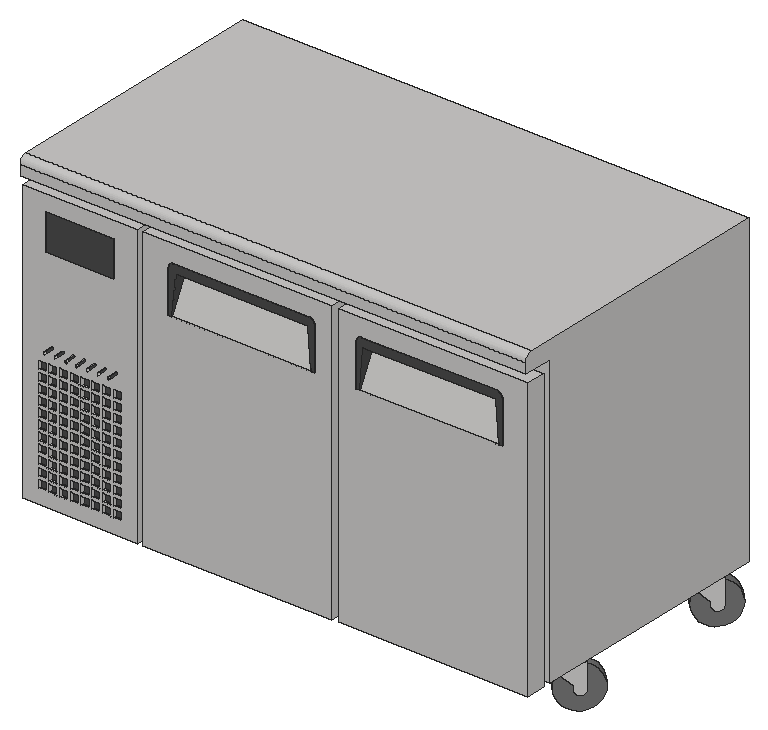
Revit family "QF_Turbo Air_JUF-48", category Specialty Equipment, Revit 2012
Parameters
  Weight in Pounds = 232
  Watermarked By = "http://revitwatermark.com"
  Volts = 115 V
  URL Cutsheet = ""
  URL = "www.turboairinc.com"
  Status [instance] = ""
  Specification by User [instance] = ""
  Specification by Manufacturer [instance] = ""
  Serial Number [instance] = ""
  Revision Code [instance] = ""
  Phase = 1
  Number of Poles [instance] = 1
  NAFEM Spec ID Number [instance] = ""
  Model = "JUF-48"
  Masterspec [instance] = ""
  Manufacturer = "Turbo Air"  # constant formula
  Legs [instance] = [6 inch Legs]  # no
  Item Number [instance] = "-"
  Installed By [instance] = ""
  HP = "1/3"
  Furnished By [instance] = ""
  Foodservice Equipment Identifier = yes
  FL Amps = 5 A
  Electrical Remarks [instance] = ""
  Electric Connection Type [instance] = ""
  Elec Conn RI Height [instance] = 0' - 0"
  Elec Conn Connection Height = 1' - 0"
  Description = "Undercounter Freezer"
  Cycle = 60 Hz
  Conn Plug = "NEMA 5-15P"
  Casters [instance] = not(Legs)  # yes
  CasterLeg Height [instance] = if([4 inch Casters], 0' 5", if([5 inch Casters], 0' 5 3/4", if([2_5 inch Casters], 0' 3 3/8", 0' 6")))  # 0' - 5"
  CSI MasterFormat = "11 41 13"
  Assembly Code = "E1090320"
  Apparent Power = if(Phase = 3, Volts * FL Amps * 1.73, Volts * FL Amps)  # 575 VA
  6 inch Legs [instance] = no
  5 inch Casters [instance] = no
  4 inch Casters [instance] = yes
  2_5 inch Casters [instance] = no
Reference planes (in)
  plane 1 "BACK": y = -1.5
  plane 2: z = 0
  plane 3 "LEFT": x = -20.72594
  plane 4 "Bottom": z = 5
  plane 5 "Back Stops": y = -0.5
  plane 6 "RIGHT": x = 26.52406
  plane 7 "FRONT": y = -29
  plane 8 "Door Clearance": y = -43.375
  plane 9 "Back of Door": y = -25.4375
  plane 10 "Front of Box": y = -24.75
  plane 11 "Counter Top": z = 33.75
  plane 12 "Top of Door": z = 31.25
  plane 13 "Front of Doors": y = -27.25
  plane 14 "Front of Ledge": y = -27.5
  plane 15 "Left of Right Door": x = 8.83656
  plane 16 "Right of Grill": x = -9.97594
  plane 17 "Right of Left Door": x = 8.21156
  plane 18 "Left of Left Door": x = -9.47594
Forms (in)
  Extrusion 1, solid, material "QF_Finishes_Stainless Steel"
    sketch origin (-20.72594, 0, 0) x (0, 1, 0) y (0, 0, 1)
      loop
        line (-1.5, 5) -> (-1.5, 33.75) -> (-26.8125, 33.75)
        arc (-26.8125, 33.75) -> (-27.29864, 33.54864) -> (-27.5, 33.0625) r 0.6875
        line (-27.5, 33.0625) -> (-27.5, 32.125) -> (-24.75, 32.125) -> (-24.75, 5) -> (-1.5, 5)
    from 0 to 47.25
  Extrusion 2, solid, material "QF_Finishes_Black"
    sketch origin (0, -24.75, 0) x (1, 0, 0) y (0, 0, 1)
      loop
        line (25.52406, 6) -> (25.52406, 30.25) -> (9.83656, 30.25) -> (9.83656, 6) -> (25.52406, 6)
      loop
        line (7.21156, 6) -> (7.21156, 30.25) -> (-8.47594, 30.25) -> (-8.47594, 6) -> (7.21156, 6)
    from 0 to 0.6875
  Extrusion 3, solid, material "QF_Finishes_Black"
    sketch origin (0, -1.5, 0) x (1, 0, 0) y (0, 0, 1)
      loop
        circle (-14.60094, 28.9375) r 0.5
      loop
        circle (20.39906, 28.9375) r 0.5
    from 0 to -1
  Extrusion 4, solid, material "QF_Finishes_Stainless Steel"
    sketch origin (0, -1.5, 0) x (1, 0, 0) y (0, 0, 1)
      loop
        circle (-15.35094, 11.125) r 0.25
    from 0 to -0.0625
  Extrusion 5, solid, material "QF_Finishes_Stainless Steel"
    sketch origin (0, -24.75, 0) x (1, 0, 0) y (0, 0, 1)
      loop
        line (-20.72594, 31.25) -> (-20.72594, 5) -> (-9.97594, 5) -> (-9.97594, 31.25) -> (-20.72594, 31.25)
      loop
        line (-11.47594, 7.125) -> (-12.22594, 7.125) -> (-12.22594, 6.375) -> (-11.47594, 6.375) -> (-11.47594, 7.125)
      loop
        line (-12.47594, 7.125) -> (-13.22594, 7.125) -> (-13.22594, 6.375) -> (-12.47594, 6.375) -> (-12.47594, 7.125)
      loop
        line (-13.47594, 7.125) -> (-14.22594, 7.125) -> (-14.22594, 6.375) -> (-13.47594, 6.375) -> (-13.47594, 7.125)
      loop
        line (-14.47594, 7.125) -> (-15.22594, 7.125) -> (-15.22594, 6.375) -> (-14.47594, 6.375) -> (-14.47594, 7.125)
      loop
        line (-15.47594, 7.125) -> (-16.22594, 7.125) -> (-16.22594, 6.375) -> (-15.47594, 6.375) -> (-15.47594, 7.125)
      loop
        line (-16.47594, 7.125) -> (-17.22594, 7.125) -> (-17.22594, 6.375) -> (-16.47594, 6.375) -> (-16.47594, 7.125)
      loop
        line (-17.47594, 7.125) -> (-18.22594, 7.125) -> (-18.22594, 6.375) -> (-17.47594, 6.375) -> (-17.47594, 7.125)
      loop
        line (-18.47594, 7.125) -> (-19.22594, 7.125) -> (-19.22594, 6.375) -> (-18.47594, 6.375) -> (-18.47594, 7.125)
      loop
        line (-11.47594, 8.125) -> (-12.22594, 8.125) -> (-12.22594, 7.375) -> (-11.47594, 7.375) -> (-11.47594, 8.125)
      loop
        line (-12.47594, 8.125) -> (-13.22594, 8.125) -> (-13.22594, 7.375) -> (-12.47594, 7.375) -> (-12.47594, 8.125)
      loop
        line (-13.47594, 8.125) -> (-14.22594, 8.125) -> (-14.22594, 7.375) -> (-13.47594, 7.375) -> (-13.47594, 8.125)
      loop
        line (-14.47594, 8.125) -> (-15.22594, 8.125) -> (-15.22594, 7.375) -> (-14.47594, 7.375) -> (-14.47594, 8.125)
      loop
        line (-15.47594, 8.125) -> (-16.22594, 8.125) -> (-16.22594, 7.375) -> (-15.47594, 7.375) -> (-15.47594, 8.125)
      loop
        line (-16.47594, 8.125) -> (-17.22594, 8.125) -> (-17.22594, 7.375) -> (-16.47594, 7.375) -> (-16.47594, 8.125)
      loop
        line (-17.47594, 8.125) -> (-18.22594, 8.125) -> (-18.22594, 7.375) -> (-17.47594, 7.375) -> (-17.47594, 8.125)
      loop
        line (-18.47594, 8.125) -> (-19.22594, 8.125) -> (-19.22594, 7.375) -> (-18.47594, 7.375) -> (-18.47594, 8.125)
      loop
        line (-11.47594, 9.125) -> (-12.22594, 9.125) -> (-12.22594, 8.375) -> (-11.47594, 8.375) -> (-11.47594, 9.125)
      loop
        line (-12.47594, 9.125) -> (-13.22594, 9.125) -> (-13.22594, 8.375) -> (-12.47594, 8.375) -> (-12.47594, 9.125)
      loop
        line (-13.47594, 9.125) -> (-14.22594, 9.125) -> (-14.22594, 8.375) -> (-13.47594, 8.375) -> (-13.47594, 9.125)
      loop
        line (-14.47594, 9.125) -> (-15.22594, 9.125) -> (-15.22594, 8.375) -> (-14.47594, 8.375) -> (-14.47594, 9.125)
      loop
        line (-15.47594, 9.125) -> (-16.22594, 9.125) -> (-16.22594, 8.375) -> (-15.47594, 8.375) -> (-15.47594, 9.125)
      loop
        line (-16.47594, 9.125) -> (-17.22594, 9.125) -> (-17.22594, 8.375) -> (-16.47594, 8.375) -> (-16.47594, 9.125)
      loop
        line (-17.47594, 9.125) -> (-18.22594, 9.125) -> (-18.22594, 8.375) -> (-17.47594, 8.375) -> (-17.47594, 9.125)
      loop
        line (-18.47594, 9.125) -> (-19.22594, 9.125) -> (-19.22594, 8.375) -> (-18.47594, 8.375) -> (-18.47594, 9.125)
      loop
        line (-11.47594, 10.125) -> (-12.22594, 10.125) -> (-12.22594, 9.375) -> (-11.47594, 9.375) -> (-11.47594, 10.125)
      loop
        line (-12.47594, 10.125) -> (-13.22594, 10.125) -> (-13.22594, 9.375) -> (-12.47594, 9.375) -> (-12.47594, 10.125)
      loop
        line (-13.47594, 10.125) -> (-14.22594, 10.125) -> (-14.22594, 9.375) -> (-13.47594, 9.375) -> (-13.47594, 10.125)
      loop
        line (-14.47594, 10.125) -> (-15.22594, 10.125) -> (-15.22594, 9.375) -> (-14.47594, 9.375) -> (-14.47594, 10.125)
      loop
        line (-15.47594, 10.125) -> (-16.22594, 10.125) -> (-16.22594, 9.375) -> (-15.47594, 9.375) -> (-15.47594, 10.125)
      loop
        line (-16.47594, 10.125) -> (-17.22594, 10.125) -> (-17.22594, 9.375) -> (-16.47594, 9.375) -> (-16.47594, 10.125)
      loop
        line (-17.47594, 10.125) -> (-18.22594, 10.125) -> (-18.22594, 9.375) -> (-17.47594, 9.375) -> (-17.47594, 10.125)
      loop
        line (-18.47594, 10.125) -> (-19.22594, 10.125) -> (-19.22594, 9.375) -> (-18.47594, 9.375) -> (-18.47594, 10.125)
      loop
        line (-11.47594, 11.125) -> (-12.22594, 11.125) -> (-12.22594, 10.375) -> (-11.47594, 10.375) -> (-11.47594, 11.125)
      loop
        line (-12.47594, 11.125) -> (-13.22594, 11.125) -> (-13.22594, 10.375) -> (-12.47594, 10.375) -> (-12.47594, 11.125)
      loop
        line (-13.47594, 11.125) -> (-14.22594, 11.125) -> (-14.22594, 10.375) -> (-13.47594, 10.375) -> (-13.47594, 11.125)
      loop
        line (-14.47594, 11.125) -> (-15.22594, 11.125) -> (-15.22594, 10.375) -> (-14.47594, 10.375) -> (-14.47594, 11.125)
      loop
        line (-15.47594, 11.125) -> (-16.22594, 11.125) -> (-16.22594, 10.375) -> (-15.47594, 10.375) -> (-15.47594, 11.125)
      loop
        line (-16.47594, 11.125) -> (-17.22594, 11.125) -> (-17.22594, 10.375) -> (-16.47594, 10.375) -> (-16.47594, 11.125)
      loop
        line (-17.47594, 11.125) -> (-18.22594, 11.125) -> (-18.22594, 10.375) -> (-17.47594, 10.375) -> (-17.47594, 11.125)
      loop
        line (-18.47594, 11.125) -> (-19.22594, 11.125) -> (-19.22594, 10.375) -> (-18.47594, 10.375) -> (-18.47594, 11.125)
      loop
        line (-11.47594, 12.125) -> (-12.22594, 12.125) -> (-12.22594, 11.375) -> (-11.47594, 11.375) -> (-11.47594, 12.125)
      loop
        line (-12.47594, 12.125) -> (-13.22594, 12.125) -> (-13.22594, 11.375) -> (-12.47594, 11.375) -> (-12.47594, 12.125)
      loop
        line (-13.47594, 12.125) -> (-14.22594, 12.125) -> (-14.22594, 11.375) -> (-13.47594, 11.375) -> (-13.47594, 12.125)
      loop
        line (-14.47594, 12.125) -> (-15.22594, 12.125) -> (-15.22594, 11.375) -> (-14.47594, 11.375) -> (-14.47594, 12.125)
      loop
        line (-15.47594, 12.125) -> (-16.22594, 12.125) -> (-16.22594, 11.375) -> (-15.47594, 11.375) -> (-15.47594, 12.125)
      loop
        line (-16.47594, 12.125) -> (-17.22594, 12.125) -> (-17.22594, 11.375) -> (-16.47594, 11.375) -> (-16.47594, 12.125)
      loop
        line (-17.47594, 12.125) -> (-18.22594, 12.125) -> (-18.22594, 11.375) -> (-17.47594, 11.375) -> (-17.47594, 12.125)
      loop
        line (-18.47594, 12.125) -> (-19.22594, 12.125) -> (-19.22594, 11.375) -> (-18.47594, 11.375) -> (-18.47594, 12.125)
      loop
        line (-11.47594, 13.125) -> (-12.22594, 13.125) -> (-12.22594, 12.375) -> (-11.47594, 12.375) -> (-11.47594, 13.125)
      loop
        line (-12.47594, 13.125) -> (-13.22594, 13.125) -> (-13.22594, 12.375) -> (-12.47594, 12.375) -> (-12.47594, 13.125)
      loop
        line (-13.47594, 13.125) -> (-14.22594, 13.125) -> (-14.22594, 12.375) -> (-13.47594, 12.375) -> (-13.47594, 13.125)
      loop
        line (-14.47594, 13.125) -> (-15.22594, 13.125) -> (-15.22594, 12.375) -> (-14.47594, 12.375) -> (-14.47594, 13.125)
      loop
        line (-15.47594, 13.125) -> (-16.22594, 13.125) -> (-16.22594, 12.375) -> (-15.47594, 12.375) -> (-15.47594, 13.125)
      loop
        line (-16.47594, 13.125) -> (-17.22594, 13.125) -> (-17.22594, 12.375) -> (-16.47594, 12.375) -> (-16.47594, 13.125)
      loop
        line (-17.47594, 13.125) -> (-18.22594, 13.125) -> (-18.22594, 12.375) -> (-17.47594, 12.375) -> (-17.47594, 13.125)
      loop
        line (-18.47594, 13.125) -> (-19.22594, 13.125) -> (-19.22594, 12.375) -> (-18.47594, 12.375) -> (-18.47594, 13.125)
      loop
        line (-11.47594, 14.125) -> (-12.22594, 14.125) -> (-12.22594, 13.375) -> (-11.47594, 13.375) -> (-11.47594, 14.125)
      loop
        line (-12.47594, 14.125) -> (-13.22594, 14.125) -> (-13.22594, 13.375) -> (-12.47594, 13.375) -> (-12.47594, 14.125)
      loop
        line (-13.47594, 14.125) -> (-14.22594, 14.125) -> (-14.22594, 13.375) -> (-13.47594, 13.375) -> (-13.47594, 14.125)
      loop
        line (-14.47594, 14.125) -> (-15.22594, 14.125) -> (-15.22594, 13.375) -> (-14.47594, 13.375) -> (-14.47594, 14.125)
      loop
        line (-15.47594, 14.125) -> (-16.22594, 14.125) -> (-16.22594, 13.375) -> (-15.47594, 13.375) -> (-15.47594, 14.125)
      loop
        line (-16.47594, 14.125) -> (-17.22594, 14.125) -> (-17.22594, 13.375) -> (-16.47594, 13.375) -> (-16.47594, 14.125)
      loop
        line (-17.47594, 14.125) -> (-18.22594, 14.125) -> (-18.22594, 13.375) -> (-17.47594, 13.375) -> (-17.47594, 14.125)
      loop
        line (-18.47594, 14.125) -> (-19.22594, 14.125) -> (-19.22594, 13.375) -> (-18.47594, 13.375) -> (-18.47594, 14.125)
      loop
        line (-11.47594, 15.125) -> (-12.22594, 15.125) -> (-12.22594, 14.375) -> (-11.47594, 14.375) -> (-11.47594, 15.125)
      loop
        line (-12.47594, 15.125) -> (-13.22594, 15.125) -> (-13.22594, 14.375) -> (-12.47594, 14.375) -> (-12.47594, 15.125)
      loop
        line (-13.47594, 15.125) -> (-14.22594, 15.125) -> (-14.22594, 14.375) -> (-13.47594, 14.375) -> (-13.47594, 15.125)
      loop
        line (-14.47594, 15.125) -> (-15.22594, 15.125) -> (-15.22594, 14.375) -> (-14.47594, 14.375) -> (-14.47594, 15.125)
      loop
        line (-15.47594, 15.125) -> (-16.22594, 15.125) -> (-16.22594, 14.375) -> (-15.47594, 14.375) -> (-15.47594, 15.125)
      loop
        line (-16.47594, 15.125) -> (-17.22594, 15.125) -> (-17.22594, 14.375) -> (-16.47594, 14.375) -> (-16.47594, 15.125)
      loop
        line (-17.47594, 15.125) -> (-18.22594, 15.125) -> (-18.22594, 14.375) -> (-17.47594, 14.375) -> (-17.47594, 15.125)
      loop
        line (-18.47594, 15.125) -> (-19.22594, 15.125) -> (-19.22594, 14.375) -> (-18.47594, 14.375) -> (-18.47594, 15.125)
      loop
        line (-11.47594, 16.125) -> (-12.22594, 16.125) -> (-12.22594, 15.375) -> (-11.47594, 15.375) -> (-11.47594, 16.125)
      loop
        line (-12.47594, 16.125) -> (-13.22594, 16.125) -> (-13.22594, 15.375) -> (-12.47594, 15.375) -> (-12.47594, 16.125)
      loop
        line (-13.47594, 16.125) -> (-14.22594, 16.125) -> (-14.22594, 15.375) -> (-13.47594, 15.375) -> (-13.47594, 16.125)
      loop
        line (-14.47594, 16.125) -> (-15.22594, 16.125) -> (-15.22594, 15.375) -> (-14.47594, 15.375) -> (-14.47594, 16.125)
      loop
        line (-15.47594, 16.125) -> (-16.22594, 16.125) -> (-16.22594, 15.375) -> (-15.47594, 15.375) -> (-15.47594, 16.125)
      loop
        line (-16.47594, 16.125) -> (-17.22594, 16.125) -> (-17.22594, 15.375) -> (-16.47594, 15.375) -> (-16.47594, 16.125)
      loop
        line (-17.47594, 16.125) -> (-18.22594, 16.125) -> (-18.22594, 15.375) -> (-17.47594, 15.375) -> (-17.47594, 16.125)
      loop
        line (-18.47594, 16.125) -> (-19.22594, 16.125) -> (-19.22594, 15.375) -> (-18.47594, 15.375) -> (-18.47594, 16.125)
      loop
        line (-11.47594, 17.125) -> (-12.22594, 17.125) -> (-12.22594, 16.375) -> (-11.47594, 16.375) -> (-11.47594, 17.125)
      loop
        line (-12.47594, 17.125) -> (-13.22594, 17.125) -> (-13.22594, 16.375) -> (-12.47594, 16.375) -> (-12.47594, 17.125)
      loop
        line (-13.47594, 17.125) -> (-14.22594, 17.125) -> (-14.22594, 16.375) -> (-13.47594, 16.375) -> (-13.47594, 17.125)
      loop
        line (-14.47594, 17.125) -> (-15.22594, 17.125) -> (-15.22594, 16.375) -> (-14.47594, 16.375) -> (-14.47594, 17.125)
      loop
        line (-15.47594, 17.125) -> (-16.22594, 17.125) -> (-16.22594, 16.375) -> (-15.47594, 16.375) -> (-15.47594, 17.125)
      loop
        line (-16.47594, 17.125) -> (-17.22594, 17.125) -> (-17.22594, 16.375) -> (-16.47594, 16.375) -> (-16.47594, 17.125)
      loop
        line (-17.47594, 17.125) -> (-18.22594, 17.125) -> (-18.22594, 16.375) -> (-17.47594, 16.375) -> (-17.47594, 17.125)
      loop
        line (-18.47594, 17.125) -> (-19.22594, 17.125) -> (-19.22594, 16.375) -> (-18.47594, 16.375) -> (-18.47594, 17.125)
      loop
        arc (-14.68933, 17.96339) -> (-14.68933, 17.78661) -> (-14.51255, 17.78661) r 0.125
        line (-14.51255, 17.78661) -> (-13.80544, 18.49372)
        arc (-13.80544, 18.49372) -> (-13.80544, 18.6705) -> (-13.98222, 18.6705) r 0.125
        line (-13.98222, 18.6705) -> (-14.68933, 17.96339)
      loop
        arc (-13.68933, 17.96339) -> (-13.68933, 17.78661) -> (-13.51255, 17.78661) r 0.125
        line (-13.51255, 17.78661) -> (-12.80544, 18.49372)
        arc (-12.80544, 18.49372) -> (-12.80544, 18.6705) -> (-12.98222, 18.6705) r 0.125
        line (-12.98222, 18.6705) -> (-13.68933, 17.96339)
      loop
        arc (-12.68933, 17.96339) -> (-12.68933, 17.78661) -> (-12.51255, 17.78661) r 0.125
        line (-12.51255, 17.78661) -> (-11.80544, 18.49372)
        arc (-11.80544, 18.49372) -> (-11.80544, 18.6705) -> (-11.98222, 18.6705) r 0.125
        line (-11.98222, 18.6705) -> (-12.68933, 17.96339)
      loop
        arc (-17.68933, 17.96339) -> (-17.68933, 17.78661) -> (-17.51255, 17.78661) r 0.125
        line (-17.51255, 17.78661) -> (-16.80544, 18.49372)
        arc (-16.80544, 18.49372) -> (-16.80544, 18.6705) -> (-16.98222, 18.6705) r 0.125
        line (-16.98222, 18.6705) -> (-17.68933, 17.96339)
      loop
        arc (-16.68933, 17.96339) -> (-16.68933, 17.78661) -> (-16.51255, 17.78661) r 0.125
        line (-16.51255, 17.78661) -> (-15.80544, 18.49372)
        arc (-15.80544, 18.49372) -> (-15.80544, 18.6705) -> (-15.98222, 18.6705) r 0.125
        line (-15.98222, 18.6705) -> (-16.68933, 17.96339)
      loop
        arc (-15.68933, 17.96339) -> (-15.68933, 17.78661) -> (-15.51255, 17.78661) r 0.125
        line (-15.51255, 17.78661) -> (-14.80544, 18.49372)
        arc (-14.80544, 18.49372) -> (-14.80544, 18.6705) -> (-14.98222, 18.6705) r 0.125
        line (-14.98222, 18.6705) -> (-15.68933, 17.96339)
      loop
        arc (-18.68933, 17.96339) -> (-18.68933, 17.78661) -> (-18.51255, 17.78661) r 0.125
        line (-18.51255, 17.78661) -> (-17.80544, 18.49372)
        arc (-17.80544, 18.49372) -> (-17.80544, 18.6705) -> (-17.98222, 18.6705) r 0.125
        line (-17.98222, 18.6705) -> (-18.68933, 17.96339)
      loop
        line (-12.16344, 29.75) -> (-18.53844, 29.75) -> (-18.53844, 26.375) -> (-12.16344, 26.375) -> (-12.16344, 29.75)
    from 0 to 2.5
  Extrusion 6, solid, material "QF_Finishes_Black"
    sketch origin (0, -24.75, 0) x (1, 0, 0) y (0, 0, 1)
      loop
        line (-19.72594, 5.875) -> (-10.97594, 5.875) -> (-10.97594, 19.125) -> (-19.72594, 19.125) -> (-19.72594, 5.875)
    from 0 to 2.25
  Extrusion 7, solid, material "QF_Finishes_Black"
    sketch origin (0, -24.75, 0) x (1, 0, 0) y (0, 0, 1)
      loop
        line (-18.53844, 29.75) -> (-18.53844, 26.375) -> (-12.16344, 26.375) -> (-12.16344, 29.75) -> (-18.53844, 29.75)
    from 0 to 2.5
Lines and regions (in)
  symbolic lines
    curve 1: line (-20.72594, -1.5, 33.75) -> (26.52406, -1.5, 33.75)
    curve 2: line (-20.72594, -29, 33.75) -> (-20.72594, -1.5, 33.75)
    curve 3: line (26.52406, -29, 33.75) -> (-20.72594, -29, 33.75)
    curve 4: line (26.52406, -1.5, 33.75) -> (26.52406, -29, 33.75)
    curve 5: line (19.89906, -0.5, 33.75) -> (20.89906, -0.5, 33.75)
    curve 6: line (-15.10094, -0.5, 33.75) -> (-14.10094, -0.5, 33.75)
    curve 7: line (-15.10094, -0.5, 33.75) -> (-15.10094, -1.5, 33.75)
    curve 8: line (-14.10094, -0.5, 33.75) -> (-14.10094, -1.5, 33.75)
    curve 9: line (19.89906, -0.5, 33.75) -> (19.89906, -1.5, 33.75)
    curve 10: line (20.89906, -0.5, 33.75) -> (20.89906, -1.5, 33.75)
  symbolic lines, style "QF_Clearances", detail levels coarse
    curve 11: line (26.52406, -29, 33.75) -> (26.52406, -43.375, 33.75)
    curve 12: arc (26.52406, -43.375, 33.75) -> (15.24891, -39.31537, 33.75) -> (9.14951, -29, 33.75) r 17.6875
    curve 13: line (-9.47594, -29, 33.75) -> (-9.47594, -43.375, 33.75)
    curve 14: arc (-9.47594, -43.375, 33.75) -> (1.79921, -39.31537, 33.75) -> (7.89861, -29, 33.75) r 17.6875
Dimensions and locks (in)
  "CasterLeg Height": plane 4 "Bottom" to plane 2
  locked: plane 1 "BACK" to plane 5 "Back Stops" at 1
  locked: plane 6 "RIGHT" to plane 3 "LEFT" at 47.25
  locked: plane 7 "FRONT" to plane 1 "BACK" at 27.5
  locked: plane 9 "Back of Door" to plane 10 "Front of Box" at 0.6875
  locked: plane 11 "Counter Top" to plane 4 "Bottom" at 28.75
  locked: Extrusion 2 sketch curve to plane 6 "RIGHT" at 1
  locked: nested 1 to plane 1 "BACK" at 2.5625
  locked: plane 3 "LEFT" to nested 1 at 2.5
  locked: plane 3 "LEFT" to nested 2 at 2.5
  locked: plane 10 "Front of Box" to nested 2 at 4.625
  locked: nested 3 to plane 6 "RIGHT" at 2.5
  locked: nested 4 to plane 6 "RIGHT" at 2.5
  locked: plane 10 "Front of Box" to nested 4 at 4.625
  locked: nested 3 to plane 1 "BACK" at 2.5625
  locked: plane 11 "Counter Top" to Extrusion 3 sketch curve at 4.8125  (x2)
  locked: plane 6 "RIGHT" to Extrusion 3 sketch curve at 6.125
  locked: Extrusion 3 sketch curve to plane 3 "LEFT" at 6.125
  locked: Extrusion 4 sketch curve to plane 4 "Bottom" at 6.125
  locked: Extrusion 2 sketch curve to plane 4 "Bottom" at 1  (x2)
  locked: plane 12 "Top of Door" to Extrusion 2 sketch curve at 1  (x2)
  locked: plane 13 "Front of Doors" to plane 10 "Front of Box" at 2.5
  locked: plane 14 "Front of Ledge" to plane 13 "Front of Doors" at 0.25
  locked: plane 11 "Counter Top" to plane 12 "Top of Door" at 2.5
  locked: plane 11 "Counter Top" to Extrusion 1 sketch curve at 1.625
  locked: plane 15 "Left of Right Door" to plane 6 "RIGHT" at 17.6875
  locked: plane 3 "LEFT" to plane 16 "Right of Grill" at 10.75
  locked: Extrusion 2 sketch curve to plane 15 "Left of Right Door" at 1
  locked: plane 3 "LEFT" to Extrusion 6 sketch curve at 1
  locked: plane 16 "Right of Grill" to Extrusion 6 sketch curve at 1
  locked: Extrusion 6 sketch curve to plane 4 "Bottom" at 0.875
  locked: Extrusion 6 sketch curve to Extrusion 6 sketch curve at 13.25
  locked: Extrusion 4 sketch curve to plane 3 "LEFT" at 5.375
  locked: plane 16 "Right of Grill" to plane 18 "Left of Left Door" at 0.5
  locked: plane 18 "Left of Left Door" to plane 17 "Right of Left Door" at 17.6875
  locked: Extrusion 2 sketch curve to plane 17 "Right of Left Door" at 1
  locked: Extrusion 2 sketch curve to plane 18 "Left of Left Door" at 1
  locked: plane 8 "Door Clearance" to plane 7 "FRONT" at 14.375
  aligned and locked: level to plane 2
  aligned and locked: Extrusion 1 sketch curve to plane 1 "BACK"
  aligned and locked: Extrusion 1 sketch curve to plane 4 "Bottom"
  aligned and locked: plane 10 "Front of Box" to Extrusion 1 sketch curve
  aligned and locked: plane 6 "RIGHT" to Extrusion 1
  aligned and locked: plane 9 "Back of Door" to Extrusion 2
  aligned and locked: Extrusion 1 sketch curve to plane 11 "Counter Top"
  aligned and locked: Extrusion 3 to plane 5 "Back Stops"
  aligned and locked: plane 1 "BACK" to curve 1
  aligned and locked: plane 3 "LEFT" to curve 2
  aligned and locked: curve 3 to plane 7 "FRONT"
  aligned and locked: curve 5 to Extrusion 3
  aligned and locked: curve 6 to Extrusion 3
  aligned and locked: plane 4 "Bottom" to nested 5
  aligned and locked: Extrusion 1 sketch curve to plane 14 "Front of Ledge"
  aligned and locked: Extrusion 5 sketch curve to plane 12 "Top of Door"
  aligned and locked: plane 3 "LEFT" to Extrusion 5 sketch curve
  aligned and locked: plane 4 "Bottom" to Extrusion 5 sketch curve
  aligned and locked: plane 16 "Right of Grill" to Extrusion 5 sketch curve
  aligned and locked: plane 13 "Front of Doors" to Extrusion 5
  aligned and locked: plane 13 "Front of Doors" to Extrusion 7
  aligned and locked: plane 6 "RIGHT" to nested 5
  aligned and locked: plane 17 "Right of Left Door" to nested 6
  aligned and locked: nested 6 to plane 4 "Bottom"
Automatic sketch dimensions
  curve 11 to plane 6 "RIGHT" = 0' - 0"
  plane 8 "Door Clearance" to curve 11 = 0' - 0"
  plane 8 "Door Clearance" to curve 14 = 0' - 0"
  curve 14 to plane 18 "Left of Left Door" = 0' - 0"
  plane 9 "Back of Door" to curve 14 = 0' - 0 1/4"
  plane 9 "Back of Door" to curve 12 = 0' - 0 1/4"
  curve 5 to curve 9 = 0' - 1"
  curve 6 to curve 7 = 0' - 1"
  Extrusion 5 sketch curve to Extrusion 5 sketch curve = 0' - 0.08839"  (x42)
  Extrusion 5 sketch curve to Extrusion 5 sketch curve = 0' - 0 3/4"  (x52)
  Extrusion 5 sketch curve to Extrusion 5 sketch curve = 0' - 0"  (x162)
  Extrusion 5 sketch curve to Extrusion 5 sketch curve = 0' - 0.03661"  (x7)
  Extrusion 5 sketch curve to Extrusion 5 sketch curve = 0' - 0 1/4"  (x125)
  Extrusion 5 sketch curve to Extrusion 5 sketch curve = 0' - 0.70711"  (x2)
  Extrusion 5 sketch curve to Extrusion 5 sketch curve = 0' - 0.11612"  (x6)
  Extrusion 5 sketch curve to Extrusion 5 sketch curve = 0' - 0.82322"  (x6)
  Extrusion 5 sketch curve to plane 16 "Right of Grill" = 0' - 2 3/16"
  plane 4 "Bottom" to Extrusion 5 sketch curve = 0' - 1 3/8"  (x2)
  Extrusion 5 sketch curve to Extrusion 5 sketch curve = 0' - 0.66161"  (x7)
  Extrusion 5 sketch curve to Extrusion 5 sketch curve = 0' - 0.53033"  (x6)
  Extrusion 5 sketch curve to plane 12 "Top of Door" = 0' - 4 7/8"
  Extrusion 5 sketch curve to plane 12 "Top of Door" = 0' - 1 1/2"
  Extrusion 7 sketch curve to plane 16 "Right of Grill" = 0' - 2 3/16"
  Extrusion 7 sketch curve to plane 12 "Top of Door" = 0' - 4 7/8"
  Extrusion 7 sketch curve to plane 12 "Top of Door" = 0' - 1 1/2"
  Extrusion 1 sketch curve to plane 13 "Front of Doors" = 0' - 0 7/16"
  curve 8 to plane 16 "Right of Grill" = 0' - 4 1/8"
  plane 3 "LEFT" to Extrusion 5 sketch curve = 0' - 1 1/2"  (x4)
  Extrusion 5 sketch curve to Extrusion 5 sketch curve = 0' - 0.53661"
  plane 3 "LEFT" to Extrusion 5 sketch curve = 0' - 2 3/16"
  plane 3 "LEFT" to Extrusion 7 sketch curve = 0' - 2 3/16"
  curve 10 to plane 6 "RIGHT" = 0' - 5 5/8"
  radius of Extrusion 3 sketch curve = 0' - 0 1/2"  (x2)
  radius of Extrusion 4 sketch curve = 0' - 0 1/4"
Nested families (in)
  nested 1: "FESCasterLeg" at (-18.22594, -4.0625, 0), Legs <- "Legs", Casters <- "Casters", Height <- "CasterLeg Height", type "FESCasterLeg"
    with Legs no, Height 0' - 5", Casters yes, Caster Radius 0' - 2"
  nested 2: "FESCasterLeg" at (-18.22594, -20.125, 0), Legs <- "Legs", Casters <- "Casters", Height <- "CasterLeg Height", type "FESCasterLeg"
    with Legs no, Height 0' - 5", Casters yes, Caster Radius 0' - 2"
  nested 3: "FESCasterLeg" at (24.02406, -4.0625, 0), Legs <- "Legs", Casters <- "Casters", Height <- "CasterLeg Height", type "FESCasterLeg"
    with Legs no, Height 0' - 5", Casters yes, Caster Radius 0' - 2"
  nested 4: "FESCasterLeg" at (24.02406, -20.125, 0), Legs <- "Legs", Casters <- "Casters", Height <- "CasterLeg Height", type "FESCasterLeg"
    with Legs no, Height 0' - 5", Casters yes, Caster Radius 0' - 2"
  nested 5: "QF_Turbo Air_TBL_Door-1" at (11.34739, -25.4375, 5) x (-1, 0, 0) z (0, 0, 1), type "QF_Turbo Air_TBL_Door-1"
    with Width 1' - 5 11/16", Symbolic Lines no, Height 2' - 2 1/4", Handle Width 1' - 1 11/16", Depth 0' - 1 13/16"
  nested 6: "QF_Turbo Air_TBL_Door-1" at (5.70073, -25.4375, 5), type "QF_Turbo Air_TBL_Door-1"
    with Width 1' - 5 11/16", Symbolic Lines no, Height 2' - 2 1/4", Handle Width 1' - 1 11/16", Depth 0' - 1 13/16"
Connectors (in)
  electrical at (-15.35094, -1.4375, 11.125), driven by "Number of Poles", driven by "Volts", driven by "Apparent Power"
    settings: on Extrusion 4, index 1, voltage 115 V, apparent load 575 VA, apparent load phase1 0 VA, apparent load phase2 0 VA, apparent load phase3 0 VA, power factor 1, load classification "Other", number of poles 1, system type 30, power factor state 1, is connector primary yes, connector utility no, sub classification motor no, connector description ""
Definition of nested family "FESCasterLeg"
  Parameters (values of type "FESCasterLeg")
    Watermarked By = "http://revitwatermark.com"
    Type Comments = "⍁⍉⌁⌀⏭⎽⌇⍠⌜⍉⎖⌥⌦⌯⍭⏊⍻⍿⍊⏵⍊⏗⏠⍴⎡⌈⎀⍠⌓⌤⏘⎐⍀⌐⏬⏁⎈⏍⏦⎒⏬⌝⍩⍇⌣〈⎫〉⎁⏊⍥⍖⍥⍝⍦⌖⍀⏌⏭⎝⎼⏷⏞⍻⏯⎽⏷⏞⍻⏯⎽⏷⎺⌻⎝⍎⌧⏷⏟⏿⌿⍜⍦⍤⌁⍬⏶⏎⍊⏚⏉⎞⌡⎀⎪⏈⌟⌿⍾⍼⌟⌿⌢⌞⏜⏝⎽⍷⍷⍯⍧⍷⌯⍽⏸⏨⏾⏎⌣⏺⍹⏼⏅⎏⌽⎫⎪⍙⎓⏗⎗⏅⌴⍏⍏⍿⏑⎺⍘⌭⏲⍥⎛⎾⎾⍞⍌⎪⎲⌙⎥⏏⎟⎟⏼⏘⎏⎝⏧⏍⏁⍏⍧⏯⏾⌟"
    Legs [instance] = yes
    Height [instance] = 0' - 6"
    Caster Radius [instance] = if(Height < 0' 3", 0' 1", (Height / 2) - 0' 0 1/2")  # 0' - 2 1/2"
    Casters [instance] = yes
    Assembly Code = ""
  Reference planes (in)
    plane 1 "Center (Front/Back)": y = 0
    plane 2: z = 0
    plane 3 "Center (Left/Right)": x = 0
    plane 4: z = 6
    plane 5: z = 5.5
  Forms (in)
    Extrusion 1, solid, material "QF_Finishes_Stainless Steel", visible <- "Casters"
      sketch origin (-24.12131, -22.88887, 10.18833) x (0.707107, 0.707107, 0) y (0, 0, 1)
        loop
          line (34.98772, -7.68833) -> (34.98772, -4.93833) -> (34.48772, -4.93833) -> (34.39402, -4.68833) -> (32.39402, -4.68833) -> (32.39402, -5.43833) -> (33.98772, -7.34206) -> (33.98772, -7.68833)
          arc (33.98772, -7.68833) -> (34.48772, -8.18833) -> (34.98772, -7.68833) r 0.5
      from 0 to 1.75
    Extrusion 2, solid, material "QF_Finishes_Rubber Black", visible <- "Casters"
      sketch origin (-24.32327, -23.09083, 13.31461) x (0.707107, 0.707107, 0) y (0, 0, 1)
        loop
          circle (34.77334, -10.81461) r 2.5
      from 0.375 to 1.375
    Extrusion 3, solid, material "QF_Finishes_Stainless Steel", visible <- "Casters"
      sketch origin (-7.24148, -8.48391, 0) x (0.707107, 0.707107, 0) y (0, 0, 1)
        loop
          line (10.61603, 5.5) -> (11.61603, 5.5) -> (11.61603, 6) -> (10.61603, 6) -> (10.61603, 5.5)
      from 0 to -1.75
    Blend 4, solid, material "QF_Finishes_Stainless Steel", visible <- "Legs"
      base sketch origin (0, 0, 0) x (1, 0, 0) y (0, 1, 0)
        loop
          circle (0, 0) r 0.5
      top sketch origin (0, 0, 0) x (1, 0, 0) y (0, 1, 0)
        loop
          circle (0, 0) r 1
      from 0 to 6 <- "Height"
  Lines and regions (in)
    symbolic lines, style "QF_Hidden Details", visible <- "Casters", built-in parameter 1006206 <- "Casters"
      curve 1: line (-1.26158, -0.51911, 0) -> (1.39007, 2.13254, 0)
      curve 2: line (-0.53429, -1.24639, 0) -> (2.11736, 1.40526, 0)
    symbolic lines, style "QF_Hidden Details", built-in parameter 1006206 <- "Casters", visible <- "Casters"
      curve 3: line (-1.26158, -0.51911, 0) -> (1.39007, 2.13254, 0)
      curve 4: line (-0.53429, -1.24639, 0) -> (2.11736, 1.40526, 0)
  Dimensions and locks (in)
    locked: plane 4 to plane 5 at 0.5
    "Height": plane 4 to level
    "Caster Radius": Extrusion 2 sketch curve to level
    "Caster Radius": Extrusion 1 sketch curve to level
    "Caster Radius": radius of Extrusion 2 sketch curve
    aligned and locked: plane 2 to level
    aligned: Blend 4 to Extrusion 3
    aligned and locked: plane 4 to Blend 4
    aligned and locked: Extrusion 3 to plane 5
    aligned and locked: plane 4 to Extrusion 3
    aligned and locked: plane 5 to Extrusion 1
  Automatic sketch dimensions
    plane 1 "Center (Front/Back)" to curve 3 = 0' - 0.51911"
    curve 3 to plane 3 "Center (Left/Right)" = 0' - 1.26158"
    plane 1 "Center (Front/Back)" to curve 1 = 0' - 0.51911"
    curve 1 to curve 3 = 0' - 0"  (x3)
    curve 4 to plane 3 "Center (Left/Right)" = 0' - 0.53429"
    curve 2 to curve 4 = 0' - 0"  (x2)
    plane 3 "Center (Left/Right)" to curve 3 = 0' - 1.39007"
    curve 1 to curve 4 = 0' - 0.72729"
    curve 2 to curve 1 = 0' - 0.72729"
    curve 4 to curve 2 = 0' - 0"  (x2)
    curve 2 to plane 1 "Center (Front/Back)" = 0' - 1.40526"
    curve 2 to curve 3 = 0' - 0.72729"
    plane 5 to Extrusion 1 sketch curve = 0' - 0"
    Extrusion 1 sketch curve to Extrusion 1 sketch curve = 0' - 1.5937"
    Extrusion 1 sketch curve to Extrusion 1 sketch curve = 0' - 2"
    Extrusion 1 sketch curve to Extrusion 1 sketch curve = 0' - 0.0937"
    Extrusion 1 sketch curve to Extrusion 1 sketch curve = 0' - 0 1/2"
    Extrusion 1 sketch curve to Extrusion 1 sketch curve = 0' - 0.34627"
    Extrusion 1 sketch curve to plane 5 = 0' - 0 3/4"
    Extrusion 1 sketch curve to plane 5 = 0' - 0 1/4"
    Extrusion 3 sketch curve to plane 5 = 0' - 0"
    plane 4 to Extrusion 3 sketch curve = 0' - 0"
    Extrusion 3 sketch curve to Extrusion 3 sketch curve = 0' - 1"
    plane 1 "Center (Front/Back)" to Blend 4 sketch curve = 0' - 0"  (x2)
    Blend 4 sketch curve to plane 3 "Center (Left/Right)" = 0' - 0"  (x2)
    radius of Blend 4 sketch curve = 0' - 0 1/2"
    radius of Blend 4 sketch curve = 0' - 1"
Definition of nested family "QF_Turbo Air_TBL_Door-1"
  Parameters (values of type "QF_Turbo Air_TBL_Door-1")
    Width [instance] = 2' - 5 5/16"
    Watermarked By = "http://revitwatermark.com"
    Symbolic Lines [instance] = yes
    Manufacturer = "Turbo Air"  # constant formula
    Height [instance] = 2' - 3 7/16"
    Handle Width [instance] = 1' - 5 5/8"
    Depth [instance] = 0' - 1 13/16"
  Reference planes (in)
    plane 1 "BACK": y = 0
    plane 2: z = 0
    plane 3 "LEFT": x = -15.17667
    plane 4: x = 14.13583
    plane 5 "FRONT": y = -1.8125
    plane 6: z = 27.4375
    plane 7 "Right of Handle": x = 12.51083
    plane 8 "Left of Handle": x = -5.11417
  Forms (in)
    Extrusion 1, solid, material "QF_Finishes_Black"
      sketch origin (-31.11417, 0, 15.01083) x (0, 0, -1) y (1, 0, 0)
        loop
          arc (-10.23917, 43.625) -> (-10.63691, 43.46025) -> (-10.80167, 43.0625) r 0.5625
          line (-10.80167, 43.0625) -> (-10.80167, 26.5625)
          arc (-10.80167, 26.5625) -> (-10.63691, 26.16475) -> (-10.23917, 26) r 0.5625
          line (-10.23917, 26) -> (-6.30167, 26) -> (-6.30167, 26.34375) -> (-9.98917, 26.66636) -> (-9.98917, 42.95864) -> (-6.30167, 43.28125) -> (-6.30167, 43.625) -> (-10.23917, 43.625)
      from 0 to 1.8125
    Extrusion 2, solid, material "QF_Finishes_Stainless Steel"
      sketch origin (-5.14542, 0, 15.01083) x (0, 1, 0) y (0, 0, 1)
        loop
          line (-1.8125, 6.30167) -> (0, 6.30167) -> (0, 9.98917) -> (-0.47036, 9.98917) -> (-1.8125, 6.30167)
      from 0.375 to 17.3125
    Extrusion 3, solid, material "QF_Finishes_Stainless Steel"
      sketch origin (0, 0, 0) x (1, 0, 0) y (0, 0, 1)
        loop
          line (-15.17667, 27.4375) -> (-15.17667, 0) -> (14.13583, 0) -> (14.13583, 27.4375) -> (-15.17667, 27.4375)
        loop
          arc (-4.55167, 25.8125) -> (-4.94941, 25.64775) -> (-5.11417, 25.25) r 0.5625
          line (-5.11417, 25.25) -> (-5.11417, 21.3125) -> (12.51083, 21.3125) -> (12.51083, 25.25)
          arc (12.51083, 25.25) -> (12.34608, 25.64775) -> (11.94833, 25.8125) r 0.5625
          line (11.94833, 25.8125) -> (-4.55167, 25.8125)
      from 0 to 1.8125
  Lines and regions (in)
    symbolic lines, visible <- "Symbolic Lines"
      curve 1: line (-15.17667, 0, 25.96875) -> (14.13583, 0, 25.96875)
      curve 2: line (-15.17667, -1.8125, 25.96875) -> (-15.17667, 0, 25.96875)
      curve 3: line (14.13583, -1.8125, 25.96875) -> (-15.17667, -1.8125, 25.96875)
      curve 4: line (14.13583, 0, 25.96875) -> (14.13583, -1.8125, 25.96875)
  Dimensions and locks (in)
    "Width": plane 4 to plane 3 "LEFT"
    "Depth": plane 5 "FRONT" to plane 1 "BACK"
    "Height": plane 6 to plane 2
    locked: Extrusion 3 sketch curve to Extrusion 3 sketch curve at 4.5
    locked: plane 6 to Extrusion 3 sketch curve at 1.625
    locked: plane 6 to Extrusion 1 sketch curve at 1.625
    locked: Extrusion 1 sketch curve to Extrusion 1 sketch curve at 0.8125
    locked: Extrusion 1 sketch curve to Extrusion 1 sketch curve at 4.5  (x2)
    locked: plane 6 to Extrusion 2 sketch curve at 2.4375
    locked: Extrusion 2 sketch curve to Extrusion 2 sketch curve at 3.6875
    locked: Extrusion 2 sketch curve to plane 5 "FRONT" at 1.34214
    locked: plane 7 "Right of Handle" to plane 4 at 1.625
    "Handle Width": plane 8 "Left of Handle" to plane 7 "Right of Handle"
    locked: Extrusion 1 sketch curve to plane 8 "Left of Handle" at 0.34375
    locked: Extrusion 1 sketch curve to plane 8 "Left of Handle" at 0.66636
    locked: Extrusion 1 sketch curve to plane 8 "Left of Handle" at 0.5625
    locked: plane 7 "Right of Handle" to Extrusion 1 sketch curve at 0.34375
    locked: plane 7 "Right of Handle" to Extrusion 1 sketch curve at 0.66636
    locked: plane 7 "Right of Handle" to Extrusion 1 sketch curve at 0.5625
    locked: plane 8 "Left of Handle" to Extrusion 2 at 0.34375
    locked: plane 7 "Right of Handle" to Extrusion 2 at 0.34375
    aligned and locked: level to plane 2
    aligned and locked: Extrusion 3 sketch curve to plane 6
    aligned and locked: plane 3 "LEFT" to Extrusion 3 sketch curve
    aligned and locked: level to Extrusion 3 sketch curve
    aligned and locked: Extrusion 3 sketch curve to plane 4
    aligned and locked: plane 5 "FRONT" to Extrusion 3
    aligned and locked: Extrusion 2 sketch curve to plane 1 "BACK"
    aligned and locked: plane 1 "BACK" to curve 1
    aligned and locked: plane 3 "LEFT" to curve 2
    aligned and locked: curve 3 to plane 5 "FRONT"
    aligned and locked: curve 4 to plane 4
    aligned and locked: Extrusion 3 sketch curve to plane 7 "Right of Handle"
    aligned and locked: Extrusion 3 sketch curve to plane 8 "Left of Handle"
    aligned and locked: Extrusion 1 sketch curve to plane 7 "Right of Handle"
    aligned and locked: plane 8 "Left of Handle" to Extrusion 1 sketch curve
  Automatic sketch dimensions
    Extrusion 3 sketch curve to Extrusion 3 sketch curve = 0' - 0 9/16"  (x2)
    Extrusion 2 sketch curve to plane 5 "FRONT" = 0' - 0"
